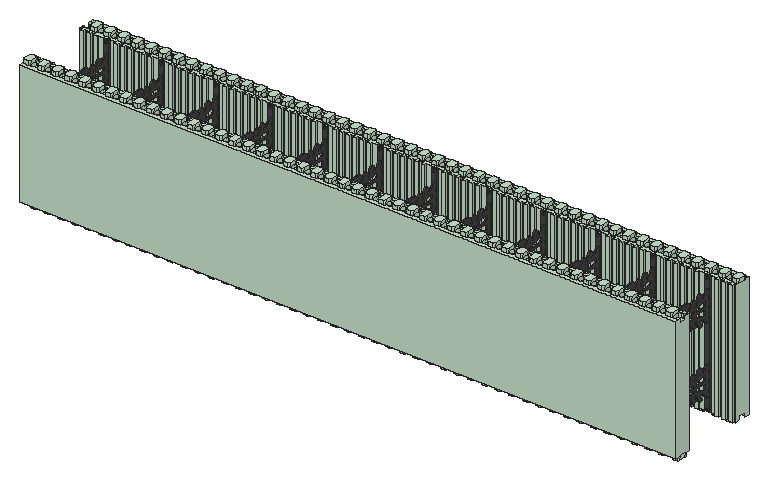
Revit family (continued)
Forms (mm)
  Extrusion 48, void
    sketch origin (2336.8, 0.026, 0) x (1, 0, 0) y (0, 1, 0)
      loop
        arc (25.4, -175.211) -> (26.615, -178.947) -> (29.796, -181.253) r 6.35
        arc (29.796, -181.253) -> (38.1, -182.563) -> (46.404, -181.253) r 26.987
        arc (46.404, -181.253) -> (49.585, -178.947) -> (50.8, -175.211) r 6.35
        line (50.8, -175.211) -> (50.8, -151.814)
        arc (50.8, -151.814) -> (50.362, -149.496) -> (49.108, -147.498) r 6.35
        arc (49.108, -147.498) -> (48.795, -146.999) -> (48.685, -146.42) r 1.588
        line (48.685, -146.42) -> (48.685, -137.629) -> (44.346, -137.629) -> (44.346, -143.257)
        arc (44.346, -143.257) -> (43.786, -144.468) -> (42.5, -144.824) r 1.587
        arc (42.5, -144.824) -> (36.091, -144.537) -> (29.796, -145.772) r 26.988
        arc (29.796, -145.772) -> (26.615, -148.078) -> (25.4, -151.814) r 6.35
        line (25.4, -151.814) -> (25.4, -175.211)
    from 457.2 to 444.5
  Extrusion 49, void
    sketch origin (2387.6, 0.026, 0) x (1, 0, 0) y (0, 1, 0)
      loop
        arc (25.4, -175.211) -> (26.615, -178.947) -> (29.796, -181.253) r 6.35
        arc (29.796, -181.253) -> (38.1, -182.563) -> (46.404, -181.253) r 26.987
        arc (46.404, -181.253) -> (49.585, -178.947) -> (50.8, -175.211) r 6.35
        line (50.8, -175.211) -> (50.8, -151.814)
        arc (50.8, -151.814) -> (50.362, -149.496) -> (49.108, -147.498) r 6.35
        arc (49.108, -147.498) -> (48.795, -146.999) -> (48.685, -146.42) r 1.588
        line (48.685, -146.42) -> (48.685, -137.629) -> (44.346, -137.629) -> (44.346, -143.257)
        arc (44.346, -143.257) -> (43.786, -144.468) -> (42.5, -144.824) r 1.587
        arc (42.5, -144.824) -> (36.091, -144.537) -> (29.796, -145.772) r 26.988
        arc (29.796, -145.772) -> (26.615, -148.078) -> (25.4, -151.814) r 6.35
        line (25.4, -151.814) -> (25.4, -175.211)
    from 457.2 to 444.5
  Extrusion 50, void
    sketch origin (2438.4, 0.026, 0) x (-1, 0, 0) y (0, -1, 0)
      loop
        arc (25.4, -124.411) -> (26.615, -128.147) -> (29.796, -130.453) r 6.35
        arc (29.796, -130.453) -> (38.1, -131.763) -> (46.404, -130.453) r 26.987
        arc (46.404, -130.453) -> (49.585, -128.147) -> (50.8, -124.411) r 6.35
        line (50.8, -124.411) -> (50.8, -101.014)
        arc (50.8, -101.014) -> (50.362, -98.696) -> (49.108, -96.698) r 6.35
        arc (49.108, -96.698) -> (48.795, -96.199) -> (48.685, -95.62) r 1.588
        line (48.685, -95.62) -> (48.685, -86.829) -> (44.346, -86.829) -> (44.346, -92.457)
        arc (44.346, -92.457) -> (43.786, -93.668) -> (42.5, -94.024) r 1.587
        arc (42.5, -94.024) -> (36.091, -93.737) -> (29.796, -94.972) r 26.988
        arc (29.796, -94.972) -> (26.615, -97.278) -> (25.4, -101.014) r 6.35
        line (25.4, -101.014) -> (25.4, -124.411)
    from 457.2 to 444.5
  Extrusion 51, void
    sketch origin (2387.6, 0.026, 0) x (-1, 0, 0) y (0, -1, 0)
      loop
        arc (25.4, -124.411) -> (26.615, -128.147) -> (29.796, -130.453) r 6.35
        arc (29.796, -130.453) -> (38.1, -131.763) -> (46.404, -130.453) r 26.987
        arc (46.404, -130.453) -> (49.585, -128.147) -> (50.8, -124.411) r 6.35
        line (50.8, -124.411) -> (50.8, -101.014)
        arc (50.8, -101.014) -> (50.362, -98.696) -> (49.108, -96.698) r 6.35
        arc (49.108, -96.698) -> (48.795, -96.199) -> (48.685, -95.62) r 1.588
        line (48.685, -95.62) -> (48.685, -86.829) -> (44.346, -86.829) -> (44.346, -92.457)
        arc (44.346, -92.457) -> (43.786, -93.668) -> (42.5, -94.024) r 1.587
        arc (42.5, -94.024) -> (36.091, -93.737) -> (29.796, -94.972) r 26.988
        arc (29.796, -94.972) -> (26.615, -97.278) -> (25.4, -101.014) r 6.35
        line (25.4, -101.014) -> (25.4, -124.411)
    from 457.2 to 444.5
  Extrusion 52, void
    sketch origin (2336.8, 0.026, 0) x (-1, 0, 0) y (0, -1, 0)
      loop
        arc (25.4, -124.411) -> (26.615, -128.147) -> (29.796, -130.453) r 6.35
        arc (29.796, -130.453) -> (38.1, -131.763) -> (46.404, -130.453) r 26.987
        arc (46.404, -130.453) -> (49.585, -128.147) -> (50.8, -124.411) r 6.35
        line (50.8, -124.411) -> (50.8, -101.014)
        arc (50.8, -101.014) -> (50.362, -98.696) -> (49.108, -96.698) r 6.35
        arc (49.108, -96.698) -> (48.795, -96.199) -> (48.685, -95.62) r 1.588
        line (48.685, -95.62) -> (48.685, -86.829) -> (44.346, -86.829) -> (44.346, -92.457)
        arc (44.346, -92.457) -> (43.786, -93.668) -> (42.5, -94.024) r 1.587
        arc (42.5, -94.024) -> (36.091, -93.737) -> (29.796, -94.972) r 26.988
        arc (29.796, -94.972) -> (26.615, -97.278) -> (25.4, -101.014) r 6.35
        line (25.4, -101.014) -> (25.4, -124.411)
    from 457.2 to 444.5
  Extrusion 53, void
    sketch origin (2286, 0.026, 0) x (-1, 0, 0) y (0, -1, 0)
      loop
        arc (25.4, -124.411) -> (26.615, -128.147) -> (29.796, -130.453) r 6.35
        arc (29.796, -130.453) -> (38.1, -131.763) -> (46.404, -130.453) r 26.987
        arc (46.404, -130.453) -> (49.585, -128.147) -> (50.8, -124.411) r 6.35
        line (50.8, -124.411) -> (50.8, -101.014)
        arc (50.8, -101.014) -> (50.362, -98.696) -> (49.108, -96.698) r 6.35
        arc (49.108, -96.698) -> (48.795, -96.199) -> (48.685, -95.62) r 1.588
        line (48.685, -95.62) -> (48.685, -86.829) -> (44.346, -86.829) -> (44.346, -92.457)
        arc (44.346, -92.457) -> (43.786, -93.668) -> (42.5, -94.024) r 1.587
        arc (42.5, -94.024) -> (36.091, -93.737) -> (29.796, -94.972) r 26.988
        arc (29.796, -94.972) -> (26.615, -97.278) -> (25.4, -101.014) r 6.35
        line (25.4, -101.014) -> (25.4, -124.411)
    from 457.2 to 444.5
  Extrusion 54, void
    sketch origin (2235.2, 0.026, 0) x (-1, 0, 0) y (0, -1, 0)
      loop
        arc (25.4, -124.411) -> (26.615, -128.147) -> (29.796, -130.453) r 6.35
        arc (29.796, -130.453) -> (38.1, -131.763) -> (46.404, -130.453) r 26.987
        arc (46.404, -130.453) -> (49.585, -128.147) -> (50.8, -124.411) r 6.35
        line (50.8, -124.411) -> (50.8, -101.014)
        arc (50.8, -101.014) -> (50.362, -98.696) -> (49.108, -96.698) r 6.35
        arc (49.108, -96.698) -> (48.795, -96.199) -> (48.685, -95.62) r 1.588
        line (48.685, -95.62) -> (48.685, -86.829) -> (44.346, -86.829) -> (44.346, -92.457)
        arc (44.346, -92.457) -> (43.786, -93.668) -> (42.5, -94.024) r 1.587
        arc (42.5, -94.024) -> (36.091, -93.737) -> (29.796, -94.972) r 26.988
        arc (29.796, -94.972) -> (26.615, -97.278) -> (25.4, -101.014) r 6.35
        line (25.4, -101.014) -> (25.4, -124.411)
    from 457.2 to 444.5
  Extrusion 55, void
    sketch origin (2184.4, 0.026, 0) x (-1, 0, 0) y (0, -1, 0)
      loop
        arc (25.4, -124.411) -> (26.615, -128.147) -> (29.796, -130.453) r 6.35
        arc (29.796, -130.453) -> (38.1, -131.763) -> (46.404, -130.453) r 26.987
        arc (46.404, -130.453) -> (49.585, -128.147) -> (50.8, -124.411) r 6.35
        line (50.8, -124.411) -> (50.8, -101.014)
        arc (50.8, -101.014) -> (50.362, -98.696) -> (49.108, -96.698) r 6.35
        arc (49.108, -96.698) -> (48.795, -96.199) -> (48.685, -95.62) r 1.588
        line (48.685, -95.62) -> (48.685, -86.829) -> (44.346, -86.829) -> (44.346, -92.457)
        arc (44.346, -92.457) -> (43.786, -93.668) -> (42.5, -94.024) r 1.587
        arc (42.5, -94.024) -> (36.091, -93.737) -> (29.796, -94.972) r 26.988
        arc (29.796, -94.972) -> (26.615, -97.278) -> (25.4, -101.014) r 6.35
        line (25.4, -101.014) -> (25.4, -124.411)
    from 457.2 to 444.5
  Extrusion 56, void
    sketch origin (2133.6, 0.026, 0) x (-1, 0, 0) y (0, -1, 0)
      loop
        arc (25.4, -124.411) -> (26.615, -128.147) -> (29.796, -130.453) r 6.35
        arc (29.796, -130.453) -> (38.1, -131.763) -> (46.404, -130.453) r 26.987
        arc (46.404, -130.453) -> (49.585, -128.147) -> (50.8, -124.411) r 6.35
        line (50.8, -124.411) -> (50.8, -101.014)
        arc (50.8, -101.014) -> (50.362, -98.696) -> (49.108, -96.698) r 6.35
        arc (49.108, -96.698) -> (48.795, -96.199) -> (48.685, -95.62) r 1.588
        line (48.685, -95.62) -> (48.685, -86.829) -> (44.346, -86.829) -> (44.346, -92.457)
        arc (44.346, -92.457) -> (43.786, -93.668) -> (42.5, -94.024) r 1.587
        arc (42.5, -94.024) -> (36.091, -93.737) -> (29.796, -94.972) r 26.988
        arc (29.796, -94.972) -> (26.615, -97.278) -> (25.4, -101.014) r 6.35
        line (25.4, -101.014) -> (25.4, -124.411)
    from 457.2 to 444.5
  Extrusion 57, void
    sketch origin (2082.8, 0.026, 0) x (-1, 0, 0) y (0, -1, 0)
      loop
        arc (25.4, -124.411) -> (26.615, -128.147) -> (29.796, -130.453) r 6.35
        arc (29.796, -130.453) -> (38.1, -131.763) -> (46.404, -130.453) r 26.987
        arc (46.404, -130.453) -> (49.585, -128.147) -> (50.8, -124.411) r 6.35
        line (50.8, -124.411) -> (50.8, -101.014)
        arc (50.8, -101.014) -> (50.362, -98.696) -> (49.108, -96.698) r 6.35
        arc (49.108, -96.698) -> (48.795, -96.199) -> (48.685, -95.62) r 1.588
        line (48.685, -95.62) -> (48.685, -86.829) -> (44.346, -86.829) -> (44.346, -92.457)
        arc (44.346, -92.457) -> (43.786, -93.668) -> (42.5, -94.024) r 1.587
        arc (42.5, -94.024) -> (36.091, -93.737) -> (29.796, -94.972) r 26.988
        arc (29.796, -94.972) -> (26.615, -97.278) -> (25.4, -101.014) r 6.35
        line (25.4, -101.014) -> (25.4, -124.411)
    from 457.2 to 444.5
  Extrusion 58, void
    sketch origin (2032, 0.026, 0) x (-1, 0, 0) y (0, -1, 0)
      loop
        arc (25.4, -124.411) -> (26.615, -128.147) -> (29.796, -130.453) r 6.35
        arc (29.796, -130.453) -> (38.1, -131.763) -> (46.404, -130.453) r 26.987
        arc (46.404, -130.453) -> (49.585, -128.147) -> (50.8, -124.411) r 6.35
        line (50.8, -124.411) -> (50.8, -101.014)
        arc (50.8, -101.014) -> (50.362, -98.696) -> (49.108, -96.698) r 6.35
        arc (49.108, -96.698) -> (48.795, -96.199) -> (48.685, -95.62) r 1.588
        line (48.685, -95.62) -> (48.685, -86.829) -> (44.346, -86.829) -> (44.346, -92.457)
        arc (44.346, -92.457) -> (43.786, -93.668) -> (42.5, -94.024) r 1.587
        arc (42.5, -94.024) -> (36.091, -93.737) -> (29.796, -94.972) r 26.988
        arc (29.796, -94.972) -> (26.615, -97.278) -> (25.4, -101.014) r 6.35
        line (25.4, -101.014) -> (25.4, -124.411)
    from 457.2 to 444.5
  Extrusion 59, void
    sketch origin (1981.2, 0.026, 0) x (-1, 0, 0) y (0, -1, 0)
      loop
        arc (25.4, -124.411) -> (26.615, -128.147) -> (29.796, -130.453) r 6.35
        arc (29.796, -130.453) -> (38.1, -131.763) -> (46.404, -130.453) r 26.987
        arc (46.404, -130.453) -> (49.585, -128.147) -> (50.8, -124.411) r 6.35
        line (50.8, -124.411) -> (50.8, -101.014)
        arc (50.8, -101.014) -> (50.362, -98.696) -> (49.108, -96.698) r 6.35
        arc (49.108, -96.698) -> (48.795, -96.199) -> (48.685, -95.62) r 1.588
        line (48.685, -95.62) -> (48.685, -86.829) -> (44.346, -86.829) -> (44.346, -92.457)
        arc (44.346, -92.457) -> (43.786, -93.668) -> (42.5, -94.024) r 1.587
        arc (42.5, -94.024) -> (36.091, -93.737) -> (29.796, -94.972) r 26.988
        arc (29.796, -94.972) -> (26.615, -97.278) -> (25.4, -101.014) r 6.35
        line (25.4, -101.014) -> (25.4, -124.411)
    from 457.2 to 444.5
  Extrusion 60, void
    sketch origin (1930.4, 0.026, 0) x (-1, 0, 0) y (0, -1, 0)
      loop
        arc (25.4, -124.411) -> (26.615, -128.147) -> (29.796, -130.453) r 6.35
        arc (29.796, -130.453) -> (38.1, -131.763) -> (46.404, -130.453) r 26.987
        arc (46.404, -130.453) -> (49.585, -128.147) -> (50.8, -124.411) r 6.35
        line (50.8, -124.411) -> (50.8, -101.014)
        arc (50.8, -101.014) -> (50.362, -98.696) -> (49.108, -96.698) r 6.35
        arc (49.108, -96.698) -> (48.795, -96.199) -> (48.685, -95.62) r 1.588
        line (48.685, -95.62) -> (48.685, -86.829) -> (44.346, -86.829) -> (44.346, -92.457)
        arc (44.346, -92.457) -> (43.786, -93.668) -> (42.5, -94.024) r 1.587
        arc (42.5, -94.024) -> (36.091, -93.737) -> (29.796, -94.972) r 26.988
        arc (29.796, -94.972) -> (26.615, -97.278) -> (25.4, -101.014) r 6.35
        line (25.4, -101.014) -> (25.4, -124.411)
    from 457.2 to 444.5
  Extrusion 61, void
    sketch origin (1879.6, 0.026, 0) x (-1, 0, 0) y (0, -1, 0)
      loop
        arc (25.4, -124.411) -> (26.615, -128.147) -> (29.796, -130.453) r 6.35
        arc (29.796, -130.453) -> (38.1, -131.763) -> (46.404, -130.453) r 26.987
        arc (46.404, -130.453) -> (49.585, -128.147) -> (50.8, -124.411) r 6.35
        line (50.8, -124.411) -> (50.8, -101.014)
        arc (50.8, -101.014) -> (50.362, -98.696) -> (49.108, -96.698) r 6.35
        arc (49.108, -96.698) -> (48.795, -96.199) -> (48.685, -95.62) r 1.588
        line (48.685, -95.62) -> (48.685, -86.829) -> (44.346, -86.829) -> (44.346, -92.457)
        arc (44.346, -92.457) -> (43.786, -93.668) -> (42.5, -94.024) r 1.587
        arc (42.5, -94.024) -> (36.091, -93.737) -> (29.796, -94.972) r 26.988
        arc (29.796, -94.972) -> (26.615, -97.278) -> (25.4, -101.014) r 6.35
        line (25.4, -101.014) -> (25.4, -124.411)
    from 457.2 to 444.5
  Extrusion 62, void
    sketch origin (1828.8, 0.026, 0) x (-1, 0, 0) y (0, -1, 0)
      loop
        arc (25.4, -124.411) -> (26.615, -128.147) -> (29.796, -130.453) r 6.35
        arc (29.796, -130.453) -> (38.1, -131.763) -> (46.404, -130.453) r 26.987
        arc (46.404, -130.453) -> (49.585, -128.147) -> (50.8, -124.411) r 6.35
        line (50.8, -124.411) -> (50.8, -101.014)
        arc (50.8, -101.014) -> (50.362, -98.696) -> (49.108, -96.698) r 6.35
        arc (49.108, -96.698) -> (48.795, -96.199) -> (48.685, -95.62) r 1.588
        line (48.685, -95.62) -> (48.685, -86.829) -> (44.346, -86.829) -> (44.346, -92.457)
        arc (44.346, -92.457) -> (43.786, -93.668) -> (42.5, -94.024) r 1.587
        arc (42.5, -94.024) -> (36.091, -93.737) -> (29.796, -94.972) r 26.988
        arc (29.796, -94.972) -> (26.615, -97.278) -> (25.4, -101.014) r 6.35
        line (25.4, -101.014) -> (25.4, -124.411)
    from 457.2 to 444.5
  Extrusion 63, void
    sketch origin (1778, 0.026, 0) x (-1, 0, 0) y (0, -1, 0)
      loop
        arc (25.4, -124.411) -> (26.615, -128.147) -> (29.796, -130.453) r 6.35
        arc (29.796, -130.453) -> (38.1, -131.763) -> (46.404, -130.453) r 26.987
        arc (46.404, -130.453) -> (49.585, -128.147) -> (50.8, -124.411) r 6.35
        line (50.8, -124.411) -> (50.8, -101.014)
        arc (50.8, -101.014) -> (50.362, -98.696) -> (49.108, -96.698) r 6.35
        arc (49.108, -96.698) -> (48.795, -96.199) -> (48.685, -95.62) r 1.588
        line (48.685, -95.62) -> (48.685, -86.829) -> (44.346, -86.829) -> (44.346, -92.457)
        arc (44.346, -92.457) -> (43.786, -93.668) -> (42.5, -94.024) r 1.587
        arc (42.5, -94.024) -> (36.091, -93.737) -> (29.796, -94.972) r 26.988
        arc (29.796, -94.972) -> (26.615, -97.278) -> (25.4, -101.014) r 6.35
        line (25.4, -101.014) -> (25.4, -124.411)
    from 457.2 to 444.5
  Extrusion 64, void
    sketch origin (1727.2, 0.026, 0) x (-1, 0, 0) y (0, -1, 0)
      loop
        arc (25.4, -124.411) -> (26.615, -128.147) -> (29.796, -130.453) r 6.35
        arc (29.796, -130.453) -> (38.1, -131.763) -> (46.404, -130.453) r 26.987
        arc (46.404, -130.453) -> (49.585, -128.147) -> (50.8, -124.411) r 6.35
        line (50.8, -124.411) -> (50.8, -101.014)
        arc (50.8, -101.014) -> (50.362, -98.696) -> (49.108, -96.698) r 6.35
        arc (49.108, -96.698) -> (48.795, -96.199) -> (48.685, -95.62) r 1.588
        line (48.685, -95.62) -> (48.685, -86.829) -> (44.346, -86.829) -> (44.346, -92.457)
        arc (44.346, -92.457) -> (43.786, -93.668) -> (42.5, -94.024) r 1.587
        arc (42.5, -94.024) -> (36.091, -93.737) -> (29.796, -94.972) r 26.988
        arc (29.796, -94.972) -> (26.615, -97.278) -> (25.4, -101.014) r 6.35
        line (25.4, -101.014) -> (25.4, -124.411)
    from 457.2 to 444.5
  Extrusion 65, void
    sketch origin (1676.4, 0.026, 0) x (-1, 0, 0) y (0, -1, 0)
      loop
        arc (25.4, -124.411) -> (26.615, -128.147) -> (29.796, -130.453) r 6.35
        arc (29.796, -130.453) -> (38.1, -131.763) -> (46.404, -130.453) r 26.987
        arc (46.404, -130.453) -> (49.585, -128.147) -> (50.8, -124.411) r 6.35
        line (50.8, -124.411) -> (50.8, -101.014)
        arc (50.8, -101.014) -> (50.362, -98.696) -> (49.108, -96.698) r 6.35
        arc (49.108, -96.698) -> (48.795, -96.199) -> (48.685, -95.62) r 1.588
        line (48.685, -95.62) -> (48.685, -86.829) -> (44.346, -86.829) -> (44.346, -92.457)
        arc (44.346, -92.457) -> (43.786, -93.668) -> (42.5, -94.024) r 1.587
        arc (42.5, -94.024) -> (36.091, -93.737) -> (29.796, -94.972) r 26.988
        arc (29.796, -94.972) -> (26.615, -97.278) -> (25.4, -101.014) r 6.35
        line (25.4, -101.014) -> (25.4, -124.411)
    from 457.2 to 444.5
  Extrusion 66, void
    sketch origin (1625.6, 0.026, 0) x (-1, 0, 0) y (0, -1, 0)
      loop
        arc (25.4, -124.411) -> (26.615, -128.147) -> (29.796, -130.453) r 6.35
        arc (29.796, -130.453) -> (38.1, -131.763) -> (46.404, -130.453) r 26.987
        arc (46.404, -130.453) -> (49.585, -128.147) -> (50.8, -124.411) r 6.35
        line (50.8, -124.411) -> (50.8, -101.014)
        arc (50.8, -101.014) -> (50.362, -98.696) -> (49.108, -96.698) r 6.35
        arc (49.108, -96.698) -> (48.795, -96.199) -> (48.685, -95.62) r 1.588
        line (48.685, -95.62) -> (48.685, -86.829) -> (44.346, -86.829) -> (44.346, -92.457)
        arc (44.346, -92.457) -> (43.786, -93.668) -> (42.5, -94.024) r 1.587
        arc (42.5, -94.024) -> (36.091, -93.737) -> (29.796, -94.972) r 26.988
        arc (29.796, -94.972) -> (26.615, -97.278) -> (25.4, -101.014) r 6.35
        line (25.4, -101.014) -> (25.4, -124.411)
    from 457.2 to 444.5
  Extrusion 67, void
    sketch origin (1574.8, 0.026, 0) x (-1, 0, 0) y (0, -1, 0)
      loop
        arc (25.4, -124.411) -> (26.615, -128.147) -> (29.796, -130.453) r 6.35
        arc (29.796, -130.453) -> (38.1, -131.763) -> (46.404, -130.453) r 26.987
        arc (46.404, -130.453) -> (49.585, -128.147) -> (50.8, -124.411) r 6.35
        line (50.8, -124.411) -> (50.8, -101.014)
        arc (50.8, -101.014) -> (50.362, -98.696) -> (49.108, -96.698) r 6.35
        arc (49.108, -96.698) -> (48.795, -96.199) -> (48.685, -95.62) r 1.588
        line (48.685, -95.62) -> (48.685, -86.829) -> (44.346, -86.829) -> (44.346, -92.457)
        arc (44.346, -92.457) -> (43.786, -93.668) -> (42.5, -94.024) r 1.587
        arc (42.5, -94.024) -> (36.091, -93.737) -> (29.796, -94.972) r 26.988
        arc (29.796, -94.972) -> (26.615, -97.278) -> (25.4, -101.014) r 6.35
        line (25.4, -101.014) -> (25.4, -124.411)
    from 457.2 to 444.5
  Extrusion 68, void
    sketch origin (1524, 0.026, 0) x (-1, 0, 0) y (0, -1, 0)
      loop
        arc (25.4, -124.411) -> (26.615, -128.147) -> (29.796, -130.453) r 6.35
        arc (29.796, -130.453) -> (38.1, -131.763) -> (46.404, -130.453) r 26.987
        arc (46.404, -130.453) -> (49.585, -128.147) -> (50.8, -124.411) r 6.35
        line (50.8, -124.411) -> (50.8, -101.014)
        arc (50.8, -101.014) -> (50.362, -98.696) -> (49.108, -96.698) r 6.35
        arc (49.108, -96.698) -> (48.795, -96.199) -> (48.685, -95.62) r 1.588
        line (48.685, -95.62) -> (48.685, -86.829) -> (44.346, -86.829) -> (44.346, -92.457)
        arc (44.346, -92.457) -> (43.786, -93.668) -> (42.5, -94.024) r 1.587
        arc (42.5, -94.024) -> (36.091, -93.737) -> (29.796, -94.972) r 26.988
        arc (29.796, -94.972) -> (26.615, -97.278) -> (25.4, -101.014) r 6.35
        line (25.4, -101.014) -> (25.4, -124.411)
    from 457.2 to 444.5
  Extrusion 69, void
    sketch origin (1473.2, 0.026, 0) x (-1, 0, 0) y (0, -1, 0)
      loop
        arc (25.4, -124.411) -> (26.615, -128.147) -> (29.796, -130.453) r 6.35
        arc (29.796, -130.453) -> (38.1, -131.763) -> (46.404, -130.453) r 26.987
        arc (46.404, -130.453) -> (49.585, -128.147) -> (50.8, -124.411) r 6.35
        line (50.8, -124.411) -> (50.8, -101.014)
        arc (50.8, -101.014) -> (50.362, -98.696) -> (49.108, -96.698) r 6.35
        arc (49.108, -96.698) -> (48.795, -96.199) -> (48.685, -95.62) r 1.588
        line (48.685, -95.62) -> (48.685, -86.829) -> (44.346, -86.829) -> (44.346, -92.457)
        arc (44.346, -92.457) -> (43.786, -93.668) -> (42.5, -94.024) r 1.587
        arc (42.5, -94.024) -> (36.091, -93.737) -> (29.796, -94.972) r 26.988
        arc (29.796, -94.972) -> (26.615, -97.278) -> (25.4, -101.014) r 6.35
        line (25.4, -101.014) -> (25.4, -124.411)
    from 457.2 to 444.5
  Extrusion 70, void
    sketch origin (1422.4, 0.026, 0) x (-1, 0, 0) y (0, -1, 0)
      loop
        arc (25.4, -124.411) -> (26.615, -128.147) -> (29.796, -130.453) r 6.35
        arc (29.796, -130.453) -> (38.1, -131.763) -> (46.404, -130.453) r 26.987
        arc (46.404, -130.453) -> (49.585, -128.147) -> (50.8, -124.411) r 6.35
        line (50.8, -124.411) -> (50.8, -101.014)
        arc (50.8, -101.014) -> (50.362, -98.696) -> (49.108, -96.698) r 6.35
        arc (49.108, -96.698) -> (48.795, -96.199) -> (48.685, -95.62) r 1.588
        line (48.685, -95.62) -> (48.685, -86.829) -> (44.346, -86.829) -> (44.346, -92.457)
        arc (44.346, -92.457) -> (43.786, -93.668) -> (42.5, -94.024) r 1.587
        arc (42.5, -94.024) -> (36.091, -93.737) -> (29.796, -94.972) r 26.988
        arc (29.796, -94.972) -> (26.615, -97.278) -> (25.4, -101.014) r 6.35
        line (25.4, -101.014) -> (25.4, -124.411)
    from 457.2 to 444.5
  Extrusion 71, void
    sketch origin (1371.6, 0.026, 0) x (-1, 0, 0) y (0, -1, 0)
      loop
        arc (25.4, -124.411) -> (26.615, -128.147) -> (29.796, -130.453) r 6.35
        arc (29.796, -130.453) -> (38.1, -131.763) -> (46.404, -130.453) r 26.987
        arc (46.404, -130.453) -> (49.585, -128.147) -> (50.8, -124.411) r 6.35
        line (50.8, -124.411) -> (50.8, -101.014)
        arc (50.8, -101.014) -> (50.362, -98.696) -> (49.108, -96.698) r 6.35
        arc (49.108, -96.698) -> (48.795, -96.199) -> (48.685, -95.62) r 1.588
        line (48.685, -95.62) -> (48.685, -86.829) -> (44.346, -86.829) -> (44.346, -92.457)
        arc (44.346, -92.457) -> (43.786, -93.668) -> (42.5, -94.024) r 1.587
        arc (42.5, -94.024) -> (36.091, -93.737) -> (29.796, -94.972) r 26.988
        arc (29.796, -94.972) -> (26.615, -97.278) -> (25.4, -101.014) r 6.35
        line (25.4, -101.014) -> (25.4, -124.411)
    from 457.2 to 444.5
  Extrusion 72, void
    sketch origin (1320.8, 0.026, 0) x (-1, 0, 0) y (0, -1, 0)
      loop
        arc (25.4, -124.411) -> (26.615, -128.147) -> (29.796, -130.453) r 6.35
        arc (29.796, -130.453) -> (38.1, -131.763) -> (46.404, -130.453) r 26.987
        arc (46.404, -130.453) -> (49.585, -128.147) -> (50.8, -124.411) r 6.35
        line (50.8, -124.411) -> (50.8, -101.014)
        arc (50.8, -101.014) -> (50.362, -98.696) -> (49.108, -96.698) r 6.35
        arc (49.108, -96.698) -> (48.795, -96.199) -> (48.685, -95.62) r 1.588
        line (48.685, -95.62) -> (48.685, -86.829) -> (44.346, -86.829) -> (44.346, -92.457)
        arc (44.346, -92.457) -> (43.786, -93.668) -> (42.5, -94.024) r 1.587
        arc (42.5, -94.024) -> (36.091, -93.737) -> (29.796, -94.972) r 26.988
        arc (29.796, -94.972) -> (26.615, -97.278) -> (25.4, -101.014) r 6.35
        line (25.4, -101.014) -> (25.4, -124.411)
    from 457.2 to 444.5
  Extrusion 73, void
    sketch origin (1270, 0.026, 0) x (-1, 0, 0) y (0, -1, 0)
      loop
        arc (25.4, -124.411) -> (26.615, -128.147) -> (29.796, -130.453) r 6.35
        arc (29.796, -130.453) -> (38.1, -131.763) -> (46.404, -130.453) r 26.987
        arc (46.404, -130.453) -> (49.585, -128.147) -> (50.8, -124.411) r 6.35
        line (50.8, -124.411) -> (50.8, -101.014)
        arc (50.8, -101.014) -> (50.362, -98.696) -> (49.108, -96.698) r 6.35
        arc (49.108, -96.698) -> (48.795, -96.199) -> (48.685, -95.62) r 1.588
        line (48.685, -95.62) -> (48.685, -86.829) -> (44.346, -86.829) -> (44.346, -92.457)
        arc (44.346, -92.457) -> (43.786, -93.668) -> (42.5, -94.024) r 1.587
        arc (42.5, -94.024) -> (36.091, -93.737) -> (29.796, -94.972) r 26.988
        arc (29.796, -94.972) -> (26.615, -97.278) -> (25.4, -101.014) r 6.35
        line (25.4, -101.014) -> (25.4, -124.411)
    from 457.2 to 444.5
  Extrusion 74, void
    sketch origin (1219.2, 0.026, 0) x (-1, 0, 0) y (0, -1, 0)
      loop
        arc (25.4, -124.411) -> (26.615, -128.147) -> (29.796, -130.453) r 6.35
        arc (29.796, -130.453) -> (38.1, -131.763) -> (46.404, -130.453) r 26.987
        arc (46.404, -130.453) -> (49.585, -128.147) -> (50.8, -124.411) r 6.35
        line (50.8, -124.411) -> (50.8, -101.014)
        arc (50.8, -101.014) -> (50.362, -98.696) -> (49.108, -96.698) r 6.35
        arc (49.108, -96.698) -> (48.795, -96.199) -> (48.685, -95.62) r 1.588
        line (48.685, -95.62) -> (48.685, -86.829) -> (44.346, -86.829) -> (44.346, -92.457)
        arc (44.346, -92.457) -> (43.786, -93.668) -> (42.5, -94.024) r 1.587
        arc (42.5, -94.024) -> (36.091, -93.737) -> (29.796, -94.972) r 26.988
        arc (29.796, -94.972) -> (26.615, -97.278) -> (25.4, -101.014) r 6.35
        line (25.4, -101.014) -> (25.4, -124.411)
    from 457.2 to 444.5
  Extrusion 75, void
    sketch origin (1168.4, 0.026, 0) x (-1, 0, 0) y (0, -1, 0)
      loop
        arc (25.4, -124.411) -> (26.615, -128.147) -> (29.796, -130.453) r 6.35
        arc (29.796, -130.453) -> (38.1, -131.763) -> (46.404, -130.453) r 26.987
        arc (46.404, -130.453) -> (49.585, -128.147) -> (50.8, -124.411) r 6.35
        line (50.8, -124.411) -> (50.8, -101.014)
        arc (50.8, -101.014) -> (50.362, -98.696) -> (49.108, -96.698) r 6.35
        arc (49.108, -96.698) -> (48.795, -96.199) -> (48.685, -95.62) r 1.588
        line (48.685, -95.62) -> (48.685, -86.829) -> (44.346, -86.829) -> (44.346, -92.457)
        arc (44.346, -92.457) -> (43.786, -93.668) -> (42.5, -94.024) r 1.587
        arc (42.5, -94.024) -> (36.091, -93.737) -> (29.796, -94.972) r 26.988
        arc (29.796, -94.972) -> (26.615, -97.278) -> (25.4, -101.014) r 6.35
        line (25.4, -101.014) -> (25.4, -124.411)
    from 457.2 to 444.5
  Extrusion 76, void
    sketch origin (1117.6, 0.026, 0) x (-1, 0, 0) y (0, -1, 0)
      loop
        arc (25.4, -124.411) -> (26.615, -128.147) -> (29.796, -130.453) r 6.35
        arc (29.796, -130.453) -> (38.1, -131.763) -> (46.404, -130.453) r 26.987
        arc (46.404, -130.453) -> (49.585, -128.147) -> (50.8, -124.411) r 6.35
        line (50.8, -124.411) -> (50.8, -101.014)
        arc (50.8, -101.014) -> (50.362, -98.696) -> (49.108, -96.698) r 6.35
        arc (49.108, -96.698) -> (48.795, -96.199) -> (48.685, -95.62) r 1.588
        line (48.685, -95.62) -> (48.685, -86.829) -> (44.346, -86.829) -> (44.346, -92.457)
        arc (44.346, -92.457) -> (43.786, -93.668) -> (42.5, -94.024) r 1.587
        arc (42.5, -94.024) -> (36.091, -93.737) -> (29.796, -94.972) r 26.988
        arc (29.796, -94.972) -> (26.615, -97.278) -> (25.4, -101.014) r 6.35
        line (25.4, -101.014) -> (25.4, -124.411)
    from 457.2 to 444.5
  Extrusion 77, void
    sketch origin (1066.8, 0.026, 0) x (-1, 0, 0) y (0, -1, 0)
      loop
        arc (25.4, -124.411) -> (26.615, -128.147) -> (29.796, -130.453) r 6.35
        arc (29.796, -130.453) -> (38.1, -131.763) -> (46.404, -130.453) r 26.987
        arc (46.404, -130.453) -> (49.585, -128.147) -> (50.8, -124.411) r 6.35
        line (50.8, -124.411) -> (50.8, -101.014)
        arc (50.8, -101.014) -> (50.362, -98.696) -> (49.108, -96.698) r 6.35
        arc (49.108, -96.698) -> (48.795, -96.199) -> (48.685, -95.62) r 1.588
        line (48.685, -95.62) -> (48.685, -86.829) -> (44.346, -86.829) -> (44.346, -92.457)
        arc (44.346, -92.457) -> (43.786, -93.668) -> (42.5, -94.024) r 1.587
        arc (42.5, -94.024) -> (36.091, -93.737) -> (29.796, -94.972) r 26.988
        arc (29.796, -94.972) -> (26.615, -97.278) -> (25.4, -101.014) r 6.35
        line (25.4, -101.014) -> (25.4, -124.411)
    from 457.2 to 444.5
  Extrusion 78, void
    sketch origin (1016, 0.026, 0) x (-1, 0, 0) y (0, -1, 0)
      loop
        arc (25.4, -124.411) -> (26.615, -128.147) -> (29.796, -130.453) r 6.35
        arc (29.796, -130.453) -> (38.1, -131.763) -> (46.404, -130.453) r 26.987
        arc (46.404, -130.453) -> (49.585, -128.147) -> (50.8, -124.411) r 6.35
        line (50.8, -124.411) -> (50.8, -101.014)
        arc (50.8, -101.014) -> (50.362, -98.696) -> (49.108, -96.698) r 6.35
        arc (49.108, -96.698) -> (48.795, -96.199) -> (48.685, -95.62) r 1.588
        line (48.685, -95.62) -> (48.685, -86.829) -> (44.346, -86.829) -> (44.346, -92.457)
        arc (44.346, -92.457) -> (43.786, -93.668) -> (42.5, -94.024) r 1.587
        arc (42.5, -94.024) -> (36.091, -93.737) -> (29.796, -94.972) r 26.988
        arc (29.796, -94.972) -> (26.615, -97.278) -> (25.4, -101.014) r 6.35
        line (25.4, -101.014) -> (25.4, -124.411)
    from 457.2 to 444.5
  Extrusion 79, void
    sketch origin (965.2, 0.026, 0) x (-1, 0, 0) y (0, -1, 0)
      loop
        arc (25.4, -124.411) -> (26.615, -128.147) -> (29.796, -130.453) r 6.35
        arc (29.796, -130.453) -> (38.1, -131.763) -> (46.404, -130.453) r 26.987
        arc (46.404, -130.453) -> (49.585, -128.147) -> (50.8, -124.411) r 6.35
        line (50.8, -124.411) -> (50.8, -101.014)
        arc (50.8, -101.014) -> (50.362, -98.696) -> (49.108, -96.698) r 6.35
        arc (49.108, -96.698) -> (48.795, -96.199) -> (48.685, -95.62) r 1.588
        line (48.685, -95.62) -> (48.685, -86.829) -> (44.346, -86.829) -> (44.346, -92.457)
        arc (44.346, -92.457) -> (43.786, -93.668) -> (42.5, -94.024) r 1.587
        arc (42.5, -94.024) -> (36.091, -93.737) -> (29.796, -94.972) r 26.988
        arc (29.796, -94.972) -> (26.615, -97.278) -> (25.4, -101.014) r 6.35
        line (25.4, -101.014) -> (25.4, -124.411)
    from 457.2 to 444.5
  Extrusion 80, void
    sketch origin (914.4, 0.026, 0) x (-1, 0, 0) y (0, -1, 0)
      loop
        arc (25.4, -124.411) -> (26.615, -128.147) -> (29.796, -130.453) r 6.35
        arc (29.796, -130.453) -> (38.1, -131.763) -> (46.404, -130.453) r 26.987
        arc (46.404, -130.453) -> (49.585, -128.147) -> (50.8, -124.411) r 6.35
        line (50.8, -124.411) -> (50.8, -101.014)
        arc (50.8, -101.014) -> (50.362, -98.696) -> (49.108, -96.698) r 6.35
        arc (49.108, -96.698) -> (48.795, -96.199) -> (48.685, -95.62) r 1.588
        line (48.685, -95.62) -> (48.685, -86.829) -> (44.346, -86.829) -> (44.346, -92.457)
        arc (44.346, -92.457) -> (43.786, -93.668) -> (42.5, -94.024) r 1.587
        arc (42.5, -94.024) -> (36.091, -93.737) -> (29.796, -94.972) r 26.988
        arc (29.796, -94.972) -> (26.615, -97.278) -> (25.4, -101.014) r 6.35
        line (25.4, -101.014) -> (25.4, -124.411)
    from 457.2 to 444.5
  Extrusion 81, void
    sketch origin (863.6, 0.026, 0) x (-1, 0, 0) y (0, -1, 0)
      loop
        arc (25.4, -124.411) -> (26.615, -128.147) -> (29.796, -130.453) r 6.35
        arc (29.796, -130.453) -> (38.1, -131.763) -> (46.404, -130.453) r 26.987
        arc (46.404, -130.453) -> (49.585, -128.147) -> (50.8, -124.411) r 6.35
        line (50.8, -124.411) -> (50.8, -101.014)
        arc (50.8, -101.014) -> (50.362, -98.696) -> (49.108, -96.698) r 6.35
        arc (49.108, -96.698) -> (48.795, -96.199) -> (48.685, -95.62) r 1.588
        line (48.685, -95.62) -> (48.685, -86.829) -> (44.346, -86.829) -> (44.346, -92.457)
        arc (44.346, -92.457) -> (43.786, -93.668) -> (42.5, -94.024) r 1.587
        arc (42.5, -94.024) -> (36.091, -93.737) -> (29.796, -94.972) r 26.988
        arc (29.796, -94.972) -> (26.615, -97.278) -> (25.4, -101.014) r 6.35
        line (25.4, -101.014) -> (25.4, -124.411)
    from 457.2 to 444.5
  Extrusion 82, void
    sketch origin (812.8, 0.026, 0) x (-1, 0, 0) y (0, -1, 0)
      loop
        arc (25.4, -124.411) -> (26.615, -128.147) -> (29.796, -130.453) r 6.35
        arc (29.796, -130.453) -> (38.1, -131.763) -> (46.404, -130.453) r 26.987
        arc (46.404, -130.453) -> (49.585, -128.147) -> (50.8, -124.411) r 6.35
        line (50.8, -124.411) -> (50.8, -101.014)
        arc (50.8, -101.014) -> (50.362, -98.696) -> (49.108, -96.698) r 6.35
        arc (49.108, -96.698) -> (48.795, -96.199) -> (48.685, -95.62) r 1.588
        line (48.685, -95.62) -> (48.685, -86.829) -> (44.346, -86.829) -> (44.346, -92.457)
        arc (44.346, -92.457) -> (43.786, -93.668) -> (42.5, -94.024) r 1.587
        arc (42.5, -94.024) -> (36.091, -93.737) -> (29.796, -94.972) r 26.988
        arc (29.796, -94.972) -> (26.615, -97.278) -> (25.4, -101.014) r 6.35
        line (25.4, -101.014) -> (25.4, -124.411)
    from 457.2 to 444.5
  Extrusion 83, void
    sketch origin (762, 0.026, 0) x (-1, 0, 0) y (0, -1, 0)
      loop
        arc (25.4, -124.411) -> (26.615, -128.147) -> (29.796, -130.453) r 6.35
        arc (29.796, -130.453) -> (38.1, -131.763) -> (46.404, -130.453) r 26.987
        arc (46.404, -130.453) -> (49.585, -128.147) -> (50.8, -124.411) r 6.35
        line (50.8, -124.411) -> (50.8, -101.014)
        arc (50.8, -101.014) -> (50.362, -98.696) -> (49.108, -96.698) r 6.35
        arc (49.108, -96.698) -> (48.795, -96.199) -> (48.685, -95.62) r 1.588
        line (48.685, -95.62) -> (48.685, -86.829) -> (44.346, -86.829) -> (44.346, -92.457)
        arc (44.346, -92.457) -> (43.786, -93.668) -> (42.5, -94.024) r 1.587
        arc (42.5, -94.024) -> (36.091, -93.737) -> (29.796, -94.972) r 26.988
        arc (29.796, -94.972) -> (26.615, -97.278) -> (25.4, -101.014) r 6.35
        line (25.4, -101.014) -> (25.4, -124.411)
    from 457.2 to 444.5
  Extrusion 84, void
    sketch origin (711.2, 0.026, 0) x (-1, 0, 0) y (0, -1, 0)
      loop
        arc (25.4, -124.411) -> (26.615, -128.147) -> (29.796, -130.453) r 6.35
        arc (29.796, -130.453) -> (38.1, -131.763) -> (46.404, -130.453) r 26.987
        arc (46.404, -130.453) -> (49.585, -128.147) -> (50.8, -124.411) r 6.35
        line (50.8, -124.411) -> (50.8, -101.014)
        arc (50.8, -101.014) -> (50.362, -98.696) -> (49.108, -96.698) r 6.35
        arc (49.108, -96.698) -> (48.795, -96.199) -> (48.685, -95.62) r 1.588
        line (48.685, -95.62) -> (48.685, -86.829) -> (44.346, -86.829) -> (44.346, -92.457)
        arc (44.346, -92.457) -> (43.786, -93.668) -> (42.5, -94.024) r 1.587
        arc (42.5, -94.024) -> (36.091, -93.737) -> (29.796, -94.972) r 26.988
        arc (29.796, -94.972) -> (26.615, -97.278) -> (25.4, -101.014) r 6.35
        line (25.4, -101.014) -> (25.4, -124.411)
    from 457.2 to 444.5
  Extrusion 85, void
    sketch origin (660.4, 0.026, 0) x (-1, 0, 0) y (0, -1, 0)
      loop
        arc (25.4, -124.411) -> (26.615, -128.147) -> (29.796, -130.453) r 6.35
        arc (29.796, -130.453) -> (38.1, -131.763) -> (46.404, -130.453) r 26.987
        arc (46.404, -130.453) -> (49.585, -128.147) -> (50.8, -124.411) r 6.35
        line (50.8, -124.411) -> (50.8, -101.014)
        arc (50.8, -101.014) -> (50.362, -98.696) -> (49.108, -96.698) r 6.35
        arc (49.108, -96.698) -> (48.795, -96.199) -> (48.685, -95.62) r 1.588
        line (48.685, -95.62) -> (48.685, -86.829) -> (44.346, -86.829) -> (44.346, -92.457)
        arc (44.346, -92.457) -> (43.786, -93.668) -> (42.5, -94.024) r 1.587
        arc (42.5, -94.024) -> (36.091, -93.737) -> (29.796, -94.972) r 26.988
        arc (29.796, -94.972) -> (26.615, -97.278) -> (25.4, -101.014) r 6.35
        line (25.4, -101.014) -> (25.4, -124.411)
    from 457.2 to 444.5
  Extrusion 86, void
    sketch origin (609.6, 0.026, 0) x (-1, 0, 0) y (0, -1, 0)
      loop
        arc (25.4, -124.411) -> (26.615, -128.147) -> (29.796, -130.453) r 6.35
        arc (29.796, -130.453) -> (38.1, -131.763) -> (46.404, -130.453) r 26.987
        arc (46.404, -130.453) -> (49.585, -128.147) -> (50.8, -124.411) r 6.35
        line (50.8, -124.411) -> (50.8, -101.014)
        arc (50.8, -101.014) -> (50.362, -98.696) -> (49.108, -96.698) r 6.35
        arc (49.108, -96.698) -> (48.795, -96.199) -> (48.685, -95.62) r 1.588
        line (48.685, -95.62) -> (48.685, -86.829) -> (44.346, -86.829) -> (44.346, -92.457)
        arc (44.346, -92.457) -> (43.786, -93.668) -> (42.5, -94.024) r 1.587
        arc (42.5, -94.024) -> (36.091, -93.737) -> (29.796, -94.972) r 26.988
        arc (29.796, -94.972) -> (26.615, -97.278) -> (25.4, -101.014) r 6.35
        line (25.4, -101.014) -> (25.4, -124.411)
    from 457.2 to 444.5
  Extrusion 87, void
    sketch origin (558.8, 0.026, 0) x (-1, 0, 0) y (0, -1, 0)
      loop
        arc (25.4, -124.411) -> (26.615, -128.147) -> (29.796, -130.453) r 6.35
        arc (29.796, -130.453) -> (38.1, -131.763) -> (46.404, -130.453) r 26.987
        arc (46.404, -130.453) -> (49.585, -128.147) -> (50.8, -124.411) r 6.35
        line (50.8, -124.411) -> (50.8, -101.014)
        arc (50.8, -101.014) -> (50.362, -98.696) -> (49.108, -96.698) r 6.35
        arc (49.108, -96.698) -> (48.795, -96.199) -> (48.685, -95.62) r 1.588
        line (48.685, -95.62) -> (48.685, -86.829) -> (44.346, -86.829) -> (44.346, -92.457)
        arc (44.346, -92.457) -> (43.786, -93.668) -> (42.5, -94.024) r 1.587
        arc (42.5, -94.024) -> (36.091, -93.737) -> (29.796, -94.972) r 26.988
        arc (29.796, -94.972) -> (26.615, -97.278) -> (25.4, -101.014) r 6.35
        line (25.4, -101.014) -> (25.4, -124.411)
    from 457.2 to 444.5
  Extrusion 88, void
    sketch origin (508, 0.026, 0) x (-1, 0, 0) y (0, -1, 0)
      loop
        arc (25.4, -124.411) -> (26.615, -128.147) -> (29.796, -130.453) r 6.35
        arc (29.796, -130.453) -> (38.1, -131.763) -> (46.404, -130.453) r 26.987
        arc (46.404, -130.453) -> (49.585, -128.147) -> (50.8, -124.411) r 6.35
        line (50.8, -124.411) -> (50.8, -101.014)
        arc (50.8, -101.014) -> (50.362, -98.696) -> (49.108, -96.698) r 6.35
        arc (49.108, -96.698) -> (48.795, -96.199) -> (48.685, -95.62) r 1.588
        line (48.685, -95.62) -> (48.685, -86.829) -> (44.346, -86.829) -> (44.346, -92.457)
        arc (44.346, -92.457) -> (43.786, -93.668) -> (42.5, -94.024) r 1.587
        arc (42.5, -94.024) -> (36.091, -93.737) -> (29.796, -94.972) r 26.988
        arc (29.796, -94.972) -> (26.615, -97.278) -> (25.4, -101.014) r 6.35
        line (25.4, -101.014) -> (25.4, -124.411)
    from 457.2 to 444.5
  Extrusion 89, void
    sketch origin (457.2, 0.026, 0) x (-1, 0, 0) y (0, -1, 0)
      loop
        arc (25.4, -124.411) -> (26.615, -128.147) -> (29.796, -130.453) r 6.35
        arc (29.796, -130.453) -> (38.1, -131.763) -> (46.404, -130.453) r 26.987
        arc (46.404, -130.453) -> (49.585, -128.147) -> (50.8, -124.411) r 6.35
        line (50.8, -124.411) -> (50.8, -101.014)
        arc (50.8, -101.014) -> (50.362, -98.696) -> (49.108, -96.698) r 6.35
        arc (49.108, -96.698) -> (48.795, -96.199) -> (48.685, -95.62) r 1.588
        line (48.685, -95.62) -> (48.685, -86.829) -> (44.346, -86.829) -> (44.346, -92.457)
        arc (44.346, -92.457) -> (43.786, -93.668) -> (42.5, -94.024) r 1.587
        arc (42.5, -94.024) -> (36.091, -93.737) -> (29.796, -94.972) r 26.988
        arc (29.796, -94.972) -> (26.615, -97.278) -> (25.4, -101.014) r 6.35
        line (25.4, -101.014) -> (25.4, -124.411)
    from 457.2 to 444.5
  Extrusion 90, void
    sketch origin (406.4, 0.026, 0) x (-1, 0, 0) y (0, -1, 0)
      loop
        arc (25.4, -124.411) -> (26.615, -128.147) -> (29.796, -130.453) r 6.35
        arc (29.796, -130.453) -> (38.1, -131.763) -> (46.404, -130.453) r 26.987
        arc (46.404, -130.453) -> (49.585, -128.147) -> (50.8, -124.411) r 6.35
        line (50.8, -124.411) -> (50.8, -101.014)
        arc (50.8, -101.014) -> (50.362, -98.696) -> (49.108, -96.698) r 6.35
        arc (49.108, -96.698) -> (48.795, -96.199) -> (48.685, -95.62) r 1.588
        line (48.685, -95.62) -> (48.685, -86.829) -> (44.346, -86.829) -> (44.346, -92.457)
        arc (44.346, -92.457) -> (43.786, -93.668) -> (42.5, -94.024) r 1.587
        arc (42.5, -94.024) -> (36.091, -93.737) -> (29.796, -94.972) r 26.988
        arc (29.796, -94.972) -> (26.615, -97.278) -> (25.4, -101.014) r 6.35
        line (25.4, -101.014) -> (25.4, -124.411)
    from 457.2 to 444.5
  Extrusion 91, void
    sketch origin (355.6, 0.026, 0) x (-1, 0, 0) y (0, -1, 0)
      loop
        arc (25.4, -124.411) -> (26.615, -128.147) -> (29.796, -130.453) r 6.35
        arc (29.796, -130.453) -> (38.1, -131.763) -> (46.404, -130.453) r 26.987
        arc (46.404, -130.453) -> (49.585, -128.147) -> (50.8, -124.411) r 6.35
        line (50.8, -124.411) -> (50.8, -101.014)
        arc (50.8, -101.014) -> (50.362, -98.696) -> (49.108, -96.698) r 6.35
        arc (49.108, -96.698) -> (48.795, -96.199) -> (48.685, -95.62) r 1.588
        line (48.685, -95.62) -> (48.685, -86.829) -> (44.346, -86.829) -> (44.346, -92.457)
        arc (44.346, -92.457) -> (43.786, -93.668) -> (42.5, -94.024) r 1.587
        arc (42.5, -94.024) -> (36.091, -93.737) -> (29.796, -94.972) r 26.988
        arc (29.796, -94.972) -> (26.615, -97.278) -> (25.4, -101.014) r 6.35
        line (25.4, -101.014) -> (25.4, -124.411)
    from 457.2 to 444.5
  Extrusion 92, void
    sketch origin (304.8, 0.026, 0) x (-1, 0, 0) y (0, -1, 0)
      loop
        arc (25.4, -124.411) -> (26.615, -128.147) -> (29.796, -130.453) r 6.35
        arc (29.796, -130.453) -> (38.1, -131.763) -> (46.404, -130.453) r 26.987
        arc (46.404, -130.453) -> (49.585, -128.147) -> (50.8, -124.411) r 6.35
        line (50.8, -124.411) -> (50.8, -101.014)
        arc (50.8, -101.014) -> (50.362, -98.696) -> (49.108, -96.698) r 6.35
        arc (49.108, -96.698) -> (48.795, -96.199) -> (48.685, -95.62) r 1.588
        line (48.685, -95.62) -> (48.685, -86.829) -> (44.346, -86.829) -> (44.346, -92.457)
        arc (44.346, -92.457) -> (43.786, -93.668) -> (42.5, -94.024) r 1.587
        arc (42.5, -94.024) -> (36.091, -93.737) -> (29.796, -94.972) r 26.988
        arc (29.796, -94.972) -> (26.615, -97.278) -> (25.4, -101.014) r 6.35
        line (25.4, -101.014) -> (25.4, -124.411)
    from 457.2 to 444.5
  Extrusion 93, void
    sketch origin (254, 0.026, 0) x (-1, 0, 0) y (0, -1, 0)
      loop
        arc (25.4, -124.411) -> (26.615, -128.147) -> (29.796, -130.453) r 6.35
        arc (29.796, -130.453) -> (38.1, -131.763) -> (46.404, -130.453) r 26.987
        arc (46.404, -130.453) -> (49.585, -128.147) -> (50.8, -124.411) r 6.35
        line (50.8, -124.411) -> (50.8, -101.014)
        arc (50.8, -101.014) -> (50.362, -98.696) -> (49.108, -96.698) r 6.35
        arc (49.108, -96.698) -> (48.795, -96.199) -> (48.685, -95.62) r 1.588
        line (48.685, -95.62) -> (48.685, -86.829) -> (44.346, -86.829) -> (44.346, -92.457)
        arc (44.346, -92.457) -> (43.786, -93.668) -> (42.5, -94.024) r 1.587
        arc (42.5, -94.024) -> (36.091, -93.737) -> (29.796, -94.972) r 26.988
        arc (29.796, -94.972) -> (26.615, -97.278) -> (25.4, -101.014) r 6.35
        line (25.4, -101.014) -> (25.4, -124.411)
    from 457.2 to 444.5
  Extrusion 94, void
    sketch origin (203.2, 0.026, 0) x (-1, 0, 0) y (0, -1, 0)
      loop
        arc (25.4, -124.411) -> (26.615, -128.147) -> (29.796, -130.453) r 6.35
        arc (29.796, -130.453) -> (38.1, -131.763) -> (46.404, -130.453) r 26.987
        arc (46.404, -130.453) -> (49.585, -128.147) -> (50.8, -124.411) r 6.35
        line (50.8, -124.411) -> (50.8, -101.014)
        arc (50.8, -101.014) -> (50.362, -98.696) -> (49.108, -96.698) r 6.35
        arc (49.108, -96.698) -> (48.795, -96.199) -> (48.685, -95.62) r 1.588
        line (48.685, -95.62) -> (48.685, -86.829) -> (44.346, -86.829) -> (44.346, -92.457)
        arc (44.346, -92.457) -> (43.786, -93.668) -> (42.5, -94.024) r 1.587
        arc (42.5, -94.024) -> (36.091, -93.737) -> (29.796, -94.972) r 26.988
        arc (29.796, -94.972) -> (26.615, -97.278) -> (25.4, -101.014) r 6.35
        line (25.4, -101.014) -> (25.4, -124.411)
    from 457.2 to 444.5
  Extrusion 95, void
    sketch origin (152.4, 0.026, 0) x (-1, 0, 0) y (0, -1, 0)
      loop
        arc (25.4, -124.411) -> (26.615, -128.147) -> (29.796, -130.453) r 6.35
        arc (29.796, -130.453) -> (38.1, -131.763) -> (46.404, -130.453) r 26.987
        arc (46.404, -130.453) -> (49.585, -128.147) -> (50.8, -124.411) r 6.35
        line (50.8, -124.411) -> (50.8, -101.014)
        arc (50.8, -101.014) -> (50.362, -98.696) -> (49.108, -96.698) r 6.35
        arc (49.108, -96.698) -> (48.795, -96.199) -> (48.685, -95.62) r 1.588
        line (48.685, -95.62) -> (48.685, -86.829) -> (44.346, -86.829) -> (44.346, -92.457)
        arc (44.346, -92.457) -> (43.786, -93.668) -> (42.5, -94.024) r 1.587
        arc (42.5, -94.024) -> (36.091, -93.737) -> (29.796, -94.972) r 26.988
        arc (29.796, -94.972) -> (26.615, -97.278) -> (25.4, -101.014) r 6.35
        line (25.4, -101.014) -> (25.4, -124.411)
    from 457.2 to 444.5
  Extrusion 96, void
    sketch origin (101.6, 0.026, 0) x (-1, 0, 0) y (0, -1, 0)
      loop
        arc (25.4, -124.411) -> (26.615, -128.147) -> (29.796, -130.453) r 6.35
        arc (29.796, -130.453) -> (38.1, -131.763) -> (46.404, -130.453) r 26.987
        arc (46.404, -130.453) -> (49.585, -128.147) -> (50.8, -124.411) r 6.35
        line (50.8, -124.411) -> (50.8, -101.014)
        arc (50.8, -101.014) -> (50.362, -98.696) -> (49.108, -96.698) r 6.35
        arc (49.108, -96.698) -> (48.795, -96.199) -> (48.685, -95.62) r 1.588
        line (48.685, -95.62) -> (48.685, -86.829) -> (44.346, -86.829) -> (44.346, -92.457)
        arc (44.346, -92.457) -> (43.786, -93.668) -> (42.5, -94.024) r 1.587
        arc (42.5, -94.024) -> (36.091, -93.737) -> (29.796, -94.972) r 26.988
        arc (29.796, -94.972) -> (26.615, -97.278) -> (25.4, -101.014) r 6.35
        line (25.4, -101.014) -> (25.4, -124.411)
    from 457.2 to 444.5
  Extrusion 97, void
    sketch origin (50.8, 0.026, 0) x (-1, 0, 0) y (0, -1, 0)
      loop
        arc (25.4, -124.411) -> (26.615, -128.147) -> (29.796, -130.453) r 6.35
        arc (29.796, -130.453) -> (38.1, -131.763) -> (46.404, -130.453) r 26.987
        arc (46.404, -130.453) -> (49.585, -128.147) -> (50.8, -124.411) r 6.35
        line (50.8, -124.411) -> (50.8, -101.014)
        arc (50.8, -101.014) -> (50.362, -98.696) -> (49.108, -96.698) r 6.35
        arc (49.108, -96.698) -> (48.795, -96.199) -> (48.685, -95.62) r 1.588
        line (48.685, -95.62) -> (48.685, -86.829) -> (44.346, -86.829) -> (44.346, -92.457)
        arc (44.346, -92.457) -> (43.786, -93.668) -> (42.5, -94.024) r 1.587
        arc (42.5, -94.024) -> (36.091, -93.737) -> (29.796, -94.972) r 26.988
        arc (29.796, -94.972) -> (26.615, -97.278) -> (25.4, -101.014) r 6.35
        line (25.4, -101.014) -> (25.4, -124.411)
    from 457.2 to 444.5
  Extrusion 98, void
    sketch origin (50.8, 0.026, 0) x (-1, 0, 0) y (0, -1, 0)
      loop
        line (25.4, 175.211) -> (25.4, 151.814)
        arc (25.4, 151.814) -> (26.615, 148.078) -> (29.796, 145.772) r 6.35
        arc (29.796, 145.772) -> (36.091, 144.537) -> (42.5, 144.824) r 26.988
        arc (42.5, 144.824) -> (43.786, 144.468) -> (44.346, 143.257) r 1.587
        line (44.346, 143.257) -> (44.346, 137.629) -> (48.685, 137.629) -> (48.685, 146.42)
        arc (48.685, 146.42) -> (48.795, 146.999) -> (49.108, 147.498) r 1.588
        arc (49.108, 147.498) -> (50.362, 149.496) -> (50.8, 151.814) r 6.35
        line (50.8, 151.814) -> (50.8, 175.211)
        arc (50.8, 175.211) -> (49.585, 178.947) -> (46.404, 181.253) r 6.35
        arc (46.404, 181.253) -> (38.1, 182.562) -> (29.796, 181.253) r 26.987
        arc (29.796, 181.253) -> (26.615, 178.947) -> (25.4, 175.211) r 6.35
    from 0 to 12.7
  Extrusion 99, void
    sketch origin (101.6, 0.026, 0) x (-1, 0, 0) y (0, -1, 0)
      loop
        line (25.4, 175.211) -> (25.4, 151.814)
        arc (25.4, 151.814) -> (26.615, 148.078) -> (29.796, 145.772) r 6.35
        arc (29.796, 145.772) -> (36.091, 144.537) -> (42.5, 144.824) r 26.988
        arc (42.5, 144.824) -> (43.786, 144.468) -> (44.346, 143.257) r 1.587
        line (44.346, 143.257) -> (44.346, 137.629) -> (48.685, 137.629) -> (48.685, 146.42)
        arc (48.685, 146.42) -> (48.795, 146.999) -> (49.108, 147.498) r 1.588
        arc (49.108, 147.498) -> (50.362, 149.496) -> (50.8, 151.814) r 6.35
        line (50.8, 151.814) -> (50.8, 175.211)
        arc (50.8, 175.211) -> (49.585, 178.947) -> (46.404, 181.253) r 6.35
        arc (46.404, 181.253) -> (38.1, 182.563) -> (29.796, 181.253) r 26.987
        arc (29.796, 181.253) -> (26.615, 178.947) -> (25.4, 175.211) r 6.35
    from 0 to 12.7
  Extrusion 100, void
    sketch origin (152.4, 0.026, 0) x (-1, 0, 0) y (0, -1, 0)
      loop
        line (25.4, 175.211) -> (25.4, 151.814)
        arc (25.4, 151.814) -> (26.615, 148.078) -> (29.796, 145.772) r 6.35
        arc (29.796, 145.772) -> (36.091, 144.537) -> (42.5, 144.824) r 26.988
        arc (42.5, 144.824) -> (43.786, 144.468) -> (44.346, 143.257) r 1.587
        line (44.346, 143.257) -> (44.346, 137.629) -> (48.685, 137.629) -> (48.685, 146.42)
        arc (48.685, 146.42) -> (48.795, 146.999) -> (49.108, 147.498) r 1.588
        arc (49.108, 147.498) -> (50.362, 149.496) -> (50.8, 151.814) r 6.35
        line (50.8, 151.814) -> (50.8, 175.211)
        arc (50.8, 175.211) -> (49.585, 178.947) -> (46.404, 181.253) r 6.35
        arc (46.404, 181.253) -> (38.1, 182.563) -> (29.796, 181.253) r 26.987
        arc (29.796, 181.253) -> (26.615, 178.947) -> (25.4, 175.211) r 6.35
    from 0 to 12.7
  Extrusion 101, void
    sketch origin (203.2, 0.026, 0) x (-1, 0, 0) y (0, -1, 0)
      loop
        line (25.4, 175.211) -> (25.4, 151.814)
        arc (25.4, 151.814) -> (26.615, 148.078) -> (29.796, 145.772) r 6.35
        arc (29.796, 145.772) -> (36.091, 144.537) -> (42.5, 144.824) r 26.988
        arc (42.5, 144.824) -> (43.786, 144.468) -> (44.346, 143.257) r 1.587
        line (44.346, 143.257) -> (44.346, 137.629) -> (48.685, 137.629) -> (48.685, 146.42)
        arc (48.685, 146.42) -> (48.795, 146.999) -> (49.108, 147.498) r 1.588
        arc (49.108, 147.498) -> (50.362, 149.496) -> (50.8, 151.814) r 6.35
        line (50.8, 151.814) -> (50.8, 175.211)
        arc (50.8, 175.211) -> (49.585, 178.947) -> (46.404, 181.253) r 6.35
        arc (46.404, 181.253) -> (38.1, 182.563) -> (29.796, 181.253) r 26.987
        arc (29.796, 181.253) -> (26.615, 178.947) -> (25.4, 175.211) r 6.35
    from 0 to 12.7
  Extrusion 102, void
    sketch origin (254, 0.026, 0) x (-1, 0, 0) y (0, -1, 0)
      loop
        line (25.4, 175.211) -> (25.4, 151.814)
        arc (25.4, 151.814) -> (26.615, 148.078) -> (29.796, 145.772) r 6.35
        arc (29.796, 145.772) -> (36.091, 144.537) -> (42.5, 144.824) r 26.988
        arc (42.5, 144.824) -> (43.786, 144.468) -> (44.346, 143.257) r 1.587
        line (44.346, 143.257) -> (44.346, 137.629) -> (48.685, 137.629) -> (48.685, 146.42)
        arc (48.685, 146.42) -> (48.795, 146.999) -> (49.108, 147.498) r 1.588
        arc (49.108, 147.498) -> (50.362, 149.496) -> (50.8, 151.814) r 6.35
        line (50.8, 151.814) -> (50.8, 175.211)
        arc (50.8, 175.211) -> (49.585, 178.947) -> (46.404, 181.253) r 6.35
        arc (46.404, 181.253) -> (38.1, 182.563) -> (29.796, 181.253) r 26.987
        arc (29.796, 181.253) -> (26.615, 178.947) -> (25.4, 175.211) r 6.35
    from 0 to 12.7
  Extrusion 103, void
    sketch origin (304.8, 0.026, 0) x (-1, 0, 0) y (0, -1, 0)
      loop
        line (25.4, 175.211) -> (25.4, 151.814)
        arc (25.4, 151.814) -> (26.615, 148.078) -> (29.796, 145.772) r 6.35
        arc (29.796, 145.772) -> (36.091, 144.537) -> (42.5, 144.824) r 26.988
        arc (42.5, 144.824) -> (43.786, 144.468) -> (44.346, 143.257) r 1.587
        line (44.346, 143.257) -> (44.346, 137.629) -> (48.685, 137.629) -> (48.685, 146.42)
        arc (48.685, 146.42) -> (48.795, 146.999) -> (49.108, 147.498) r 1.588
        arc (49.108, 147.498) -> (50.362, 149.496) -> (50.8, 151.814) r 6.35
        line (50.8, 151.814) -> (50.8, 175.211)
        arc (50.8, 175.211) -> (49.585, 178.947) -> (46.404, 181.253) r 6.35
        arc (46.404, 181.253) -> (38.1, 182.563) -> (29.796, 181.253) r 26.987
        arc (29.796, 181.253) -> (26.615, 178.947) -> (25.4, 175.211) r 6.35
    from 0 to 12.7
  Extrusion 104, void
    sketch origin (355.6, 0.026, 0) x (-1, 0, 0) y (0, -1, 0)
      loop
        line (25.4, 175.211) -> (25.4, 151.814)
        arc (25.4, 151.814) -> (26.615, 148.078) -> (29.796, 145.772) r 6.35
        arc (29.796, 145.772) -> (36.091, 144.537) -> (42.5, 144.824) r 26.988
        arc (42.5, 144.824) -> (43.786, 144.468) -> (44.346, 143.257) r 1.587
        line (44.346, 143.257) -> (44.346, 137.629) -> (48.685, 137.629) -> (48.685, 146.42)
        arc (48.685, 146.42) -> (48.795, 146.999) -> (49.108, 147.498) r 1.588
        arc (49.108, 147.498) -> (50.362, 149.496) -> (50.8, 151.814) r 6.35
        line (50.8, 151.814) -> (50.8, 175.211)
        arc (50.8, 175.211) -> (49.585, 178.947) -> (46.404, 181.253) r 6.35
        arc (46.404, 181.253) -> (38.1, 182.563) -> (29.796, 181.253) r 26.987
        arc (29.796, 181.253) -> (26.615, 178.947) -> (25.4, 175.211) r 6.35
    from 0 to 12.7
  Extrusion 105, void
    sketch origin (406.4, 0.026, 0) x (-1, 0, 0) y (0, -1, 0)
      loop
        line (25.4, 175.211) -> (25.4, 151.814)
        arc (25.4, 151.814) -> (26.615, 148.078) -> (29.796, 145.772) r 6.35
        arc (29.796, 145.772) -> (36.091, 144.537) -> (42.5, 144.824) r 26.988
        arc (42.5, 144.824) -> (43.786, 144.468) -> (44.346, 143.257) r 1.587
        line (44.346, 143.257) -> (44.346, 137.629) -> (48.685, 137.629) -> (48.685, 146.42)
        arc (48.685, 146.42) -> (48.795, 146.999) -> (49.108, 147.498) r 1.588
        arc (49.108, 147.498) -> (50.362, 149.496) -> (50.8, 151.814) r 6.35
        line (50.8, 151.814) -> (50.8, 175.211)
        arc (50.8, 175.211) -> (49.585, 178.947) -> (46.404, 181.253) r 6.35
        arc (46.404, 181.253) -> (38.1, 182.563) -> (29.796, 181.253) r 26.987
        arc (29.796, 181.253) -> (26.615, 178.947) -> (25.4, 175.211) r 6.35
    from 0 to 12.7
  Extrusion 106, void
    sketch origin (457.2, 0.026, 0) x (-1, 0, 0) y (0, -1, 0)
      loop
        line (25.4, 175.211) -> (25.4, 151.814)
        arc (25.4, 151.814) -> (26.615, 148.078) -> (29.796, 145.772) r 6.35
        arc (29.796, 145.772) -> (36.091, 144.537) -> (42.5, 144.824) r 26.988
        arc (42.5, 144.824) -> (43.786, 144.468) -> (44.346, 143.257) r 1.587
        line (44.346, 143.257) -> (44.346, 137.629) -> (48.685, 137.629) -> (48.685, 146.42)
        arc (48.685, 146.42) -> (48.795, 146.999) -> (49.108, 147.498) r 1.588
        arc (49.108, 147.498) -> (50.362, 149.496) -> (50.8, 151.814) r 6.35
        line (50.8, 151.814) -> (50.8, 175.211)
        arc (50.8, 175.211) -> (49.585, 178.947) -> (46.404, 181.253) r 6.35
        arc (46.404, 181.253) -> (38.1, 182.563) -> (29.796, 181.253) r 26.987
        arc (29.796, 181.253) -> (26.615, 178.947) -> (25.4, 175.211) r 6.35
    from 0 to 12.7
  Extrusion 107, void
    sketch origin (508, 0.026, 0) x (-1, 0, 0) y (0, -1, 0)
      loop
        line (25.4, 175.211) -> (25.4, 151.814)
        arc (25.4, 151.814) -> (26.615, 148.078) -> (29.796, 145.772) r 6.35
        arc (29.796, 145.772) -> (36.091, 144.537) -> (42.5, 144.824) r 26.988
        arc (42.5, 144.824) -> (43.786, 144.468) -> (44.346, 143.257) r 1.587
        line (44.346, 143.257) -> (44.346, 137.629) -> (48.685, 137.629) -> (48.685, 146.42)
        arc (48.685, 146.42) -> (48.795, 146.999) -> (49.108, 147.498) r 1.588
        arc (49.108, 147.498) -> (50.362, 149.496) -> (50.8, 151.814) r 6.35
